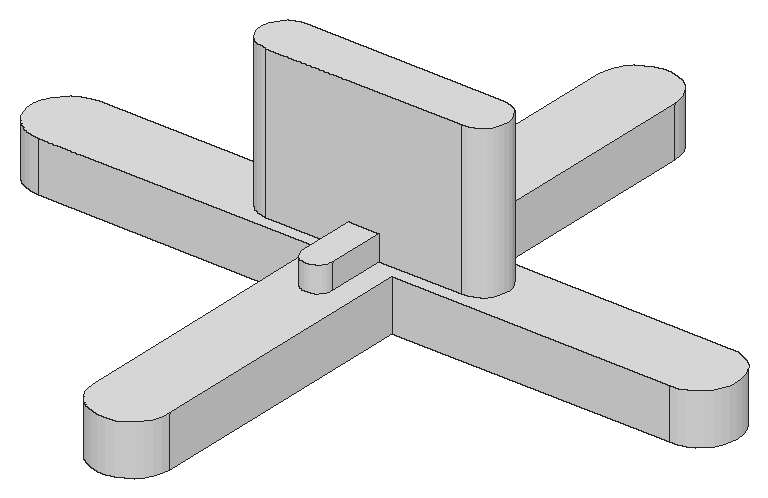
Revit family "111011002209001", category Modelos genéricos, Revit 2018
Family settings
  Puede alojar armadura = No
  Cota de conector redondo = Diámetro de uso
  Tipo de pieza = Normal
  Se basa en plano de trabajo = No
  Siempre vertical = No
  Corte con vacíos al cargar = No
  Compartido = No
  Punto de cálculo de habitación = No
Parameters (values of type "ESPACIADOR CON TOMADOR DE 3MM")
  Ventajas = "fácil de retirar."
  Uso = "Separadores diseñados para ayudar a instalar cerámica con separaciones uniformes. Son\r\nusados entre cerámica y bordes para proveer la junta de lechada (fragüe) óptima. Su diseño permite\r\ngran eficiencia en alineación de canteras."
  Unidad = "Bolsas de 200 UN"
  URL = "https://www.empresascnp.cl/"
  Num SKUs = "111011002209001"
  Nombre SKU = "ESPACIADOR CERAMICA PP 3MM BLANCO BOLSA 200UN"
  Modelo = "ESPACIADOR CON TOMADOR DE 3MM"
  Material = PP
  Url Ficha tecnica = "https://empresascnp.cl/wp-content/uploads//pdf/ficha-tecnica-espaciador-ceramica-pp-3mm-blanco-bolsa-200un.pdf"
  Espesor = 0.00 mm
  Empresa = "CNP SPA."
  Dureza = ""
  Dimension = 0.00 mm
  Descripción = "Sistema con agarres para simplificar la introducción y extracción de los espaciadores."
  Contacto = "info@empresascnp.cl"
  Color = "Blanco"
  Aplicacion = "Espaciador de cerámico con pestaña para retiro."
Reference planes
  plane 1 "Center F/B": y = 0
  plane 2: z = 0
  plane 3 "Center L/R": x = 0
  plane 4: z = 0
Forms (mm)
  Extrusion 1, solid, material "PP" <- "Material"
    sketch origin (0, -1.434, 0) x (1, 0, 0) y (0, 1, 0)
      loop
        arc (-12.5, 2.934) -> (-14, 1.434) -> (-12.5, -0.066) r 1.5
        line (-12.5, -0.066) -> (-1.5, -0.066) -> (-1.5, -11.066)
        arc (-1.5, -11.066) -> (0, -12.566) -> (1.5, -11.066) r 1.5
        line (1.5, -11.066) -> (1.5, -0.066) -> (12.5, -0.066)
        arc (12.5, -0.066) -> (14, 1.434) -> (12.5, 2.934) r 1.5
        line (12.5, 2.934) -> (1.5, 2.934) -> (1.5, 13.934)
        arc (1.5, 13.934) -> (0, 15.434) -> (-1.5, 13.934) r 1.5
        line (-1.5, 13.934) -> (-1.5, 2.934) -> (-12.5, 2.934)
    from 0 to 2
  Extrusion 2, solid, material "PP" <- "Material"
    sketch origin (0, 0, 0) x (1, 0, 0) y (0, 1, 0)
      loop
        line (3.875, 1) -> (-3.875, 1)
        arc (-3.875, 1) -> (-4.875, 0) -> (-3.875, -1) r 1
        line (-3.875, -1) -> (3.875, -1)
        arc (3.875, -1) -> (4.875, 0) -> (3.875, 1) r 1
    from 2 to 8
  Extrusion 3, solid, material "PP" <- "Material"
    sketch origin (0, 0, 0) x (1, 0, 0) y (0, 1, 0)
      loop
        line (0.59, -3.285) -> (0.59, 3.285)
        arc (0.59, 3.285) -> (0, 3.875) -> (-0.59, 3.285) r 0.59
        line (-0.59, 3.285) -> (-0.59, -3.285)
        arc (-0.59, -3.285) -> (0, -3.875) -> (0.59, -3.285) r 0.59
    from 2 to 3
Cuts and joins
  joined: Extrusion 1, Extrusion 2, Extrusion 3
Dimensions and locks
  "Dimension": plane 4 to level
Automatic sketch dimensions
  plane 1 "Center F/B" to Extrusion 2 sketch curve = 0.00 mm
  Extrusion 2 sketch curve to plane 1 "Center F/B" = 1.00 mm
  Extrusion 2 sketch curve to plane 3 "Center L/R" = 3.875 mm
  plane 3 "Center L/R" to Extrusion 2 sketch curve = 3.875 mm
  plane 1 "Center F/B" to Extrusion 1 sketch curve = 0.00 mm  (x2)
  Extrusion 1 sketch curve to plane 3 "Center L/R" = 0.00 mm  (x2)
  Extrusion 1 sketch curve to plane 3 "Center L/R" = 1.50 mm  (x2)
  Extrusion 1 sketch curve to Extrusion 1 sketch curve = 11.00 mm  (x4)
  plane 1 "Center F/B" to Extrusion 1 sketch curve = 1.50 mm  (x2)
  Extrusion 3 sketch curve to plane 3 "Center L/R" = 0.00 mm
  Extrusion 3 sketch curve to Extrusion 3 sketch curve = 0.59 mm
  plane 1 "Center F/B" to Extrusion 3 sketch curve = 3.285 mm
  Extrusion 3 sketch curve to plane 1 "Center F/B" = 3.285 mm
